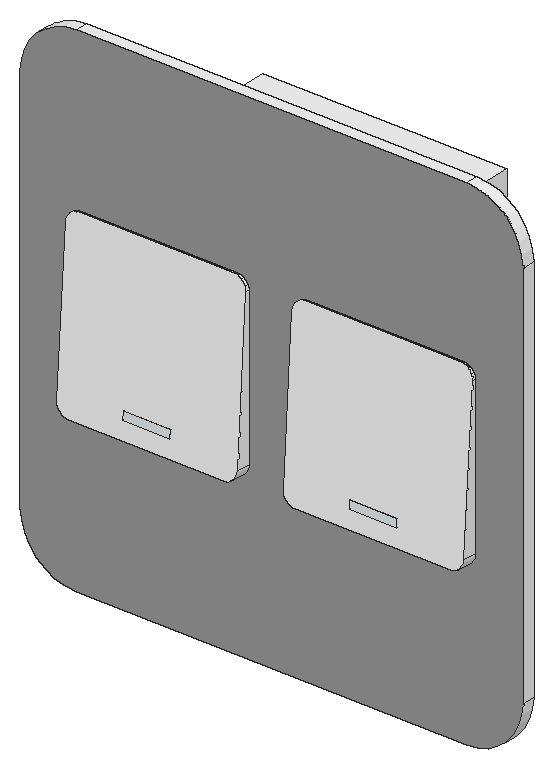
Revit family "EF_Veti-4x4-2-Push-Dimmer-Switch", category Electrical Fixtures, Revit 2016
Family settings
  Maintain Annotation Orientation = No
  Part Type = Switch
  Round Connector Dimension = Use Diameter
  Work Plane-Based = No
  Always vertical = Yes
  Cut with Voids When Loaded = No
  Shared = No
  Room Calculation Point = No
Parameters (values of type "Push Dimmer Switch")
  Voltage_x = 220 V
  URL for TCP = "http://www.tcpbim.co.za"
  URL = "http://www.major-tech.com/15-veti"
  Type Comments = "Switches"
  Switch Voltage = Voltage_x  # 220 V
  Switch Height [instance] = 1200 mm
  Materials [instance] = 0 mm
  Manufacturer = "VETI"
  Made by = "Tolani Civil Projects cc"
  Load = 2860 VA
  Description = "4x4 2 x Push Dimmer Switch"
  Amperage = 16 A
Reference planes
  plane 1 "Center (Front/Back)": y = 0
  plane 2: z = 0
  plane 3 "Center (Left/Right)": x = 0
Forms (mm)
  Extrusion 1, solid, material "Plastic White"
    sketch origin (-181.105, 75, 0) x (1, 0, 0) y (0, 0, 1)
      loop
        arc (103.605, 1400) -> (87.695, 1393.41) -> (81.105, 1377.5) r 22.5
        line (81.105, 1377.5) -> (81.105, 1222.5)
        arc (81.105, 1222.5) -> (87.695, 1206.59) -> (103.605, 1200) r 22.5
        line (103.605, 1200) -> (258.605, 1200)
        arc (258.605, 1200) -> (274.515, 1206.59) -> (281.105, 1222.5) r 22.5
        line (281.105, 1222.5) -> (281.105, 1377.5)
        arc (281.105, 1377.5) -> (274.515, 1393.41) -> (258.605, 1400) r 22.5
        line (258.605, 1400) -> (103.605, 1400)
    from 75 to 80
  Extrusion 2, solid, material "Plastic White"
    sketch origin (-166.105, 0, 0) x (-1, 0, 0) y (0, 0, 1)
      loop
        line (-214.439, 1370) -> (-214.439, 1360) -> (-117.772, 1360) -> (-117.772, 1370) -> (-214.439, 1370)
    from 0 to 51.204
Cuts and joins
  joined: Extrusion 1, Extrusion 2
Dimensions and locks
  Extrusion 1 sketch curve to Extrusion 1 sketch curve = 200 mm
  Extrusion 2 sketch curve to Extrusion 2 sketch curve to Extrusion 1 = 10 mm, 30 mm
  Extrusion 2 sketch curve to Extrusion 2 sketch curve = 96.667 mm
  cut or joined group of Extrusion 1, Extrusion 2 to cut or joined group of Extrusion 1, Extrusion 2 = 200 mm
  cut or joined group of Extrusion 1, Extrusion 2 to cut or joined group of Extrusion 1, Extrusion 2 to cut or joined group of Extrusion 1, Extrusion 2 to cut or joined group of Extrusion 1, Extrusion 2 = 30 mm locked, 10 mm locked, 160 mm locked
  cut or joined group of Extrusion 1, Extrusion 2 to cut or joined group of Extrusion 1, Extrusion 2 to cut or joined group of Extrusion 1, Extrusion 2 = 51.204 mm locked, 5 mm locked
  cut or joined group of Extrusion 1, Extrusion 2 to cut or joined group of Extrusion 1, Extrusion 2 = 96.667 mm
  locked: cut or joined group of Extrusion 1, Extrusion 2 to plane 1 "Center (Front/Back)"
  plane 3 "Center (Left/Right)" to Extrusion 1 sketch curve = 100 mm
  locked: plane 3 "Center (Left/Right)" to cut or joined group of Extrusion 1, Extrusion 2 at 48.333
  cut or joined group of Extrusion 1, Extrusion 2 to nested 2 to nested 3 to cut or joined group of Extrusion 1, Extrusion 2 = 63.734 mm locked, 72.246 mm locked, 64.02 mm locked
  nested 3 to plane 3 "Center (Left/Right)" to nested 2 = 9.207 mm locked, 9.124 mm locked
  "Switch Height": cut or joined group of Extrusion 1, Extrusion 2 to level
  aligned and locked: level to plane 2
  aligned and locked: nested 1 to plane 1 "Center (Front/Back)"
  aligned and locked: cut or joined group of Extrusion 1, Extrusion 2 to nested 2
  aligned and locked: nested 3 to cut or joined group of Extrusion 1, Extrusion 2
Automatic sketch dimensions
  Extrusion 1 sketch curve to plane 3 "Center (Left/Right)" = 77.5 mm
  plane 3 "Center (Left/Right)" to Extrusion 1 sketch curve = 77.5 mm  (x2)
  level to Extrusion 1 sketch curve = 1200 mm
  Extrusion 1 sketch curve to Extrusion 1 sketch curve = 22.5 mm  (x2)
  Extrusion 2 sketch curve to Extrusion 1 = 51.667 mm  (x2)
Nested families
  nested 1: "Power Point Test 1" at (0, 0, 0) x (-1, 0, 0) z (0, 0, 1), type "Receptacle Symbol"
  nested 2: "Vertical Switch" at (-44.959, -5, 164.209), type "Vertical Switch"
    with Length 71.669 mm
  nested 3: "Vertical Switch" at (45.041, -5, 164.177) x (-1, 0, 0) z (0, 0, 1), type "Vertical Switch"
    with Length 71.669 mm
Connectors
  electrical at (0, 25.602, 1370), driven by "Voltage_x", driven by "Load"
    settings: on cut or joined group of Extrusion 1, Extrusion 2, index 2, voltage 220 V, apparent load 0 VA, apparent load phase1 2860 VA, apparent load phase2 0 VA, apparent load phase3 0 VA, power factor 1, load classification "Other", number of poles 1, system type 31, power factor state 1, is connector primary yes, connector utility no, sub classification motor no, connector description ""
  electrical at (0, 25.602, 1370), driven by "Voltage_x", driven by "Load"
    settings: on cut or joined group of Extrusion 1, Extrusion 2, index 3, voltage 220 V, apparent load 0 VA, apparent load phase1 2860 VA, apparent load phase2 0 VA, apparent load phase3 0 VA, power factor 1, load classification "Other", number of poles 1, system type 31, power factor state 1, is connector primary no, connector utility no, sub classification motor no, connector description ""
Definition of nested family "Vertical Switch"
  Parameters
    Length [instance] = 32.776 mm
  Reference planes
    plane 1 "Center (Front/Back)": y = 0
    plane 2: z = 0
    plane 3 "Center (Left/Right)": x = 0
    plane 4: x = -16.388
    plane 5: x = 16.388
  Forms (mm)
    Extrusion 1, solid
      sketch origin (-1136.248, 2.783, 1137.475) x (0, -0.069756, -0.997564) y (1, 0, 0)
        loop
          arc (-29.234, 1152.636) -> (-32.77, 1151.171) -> (-34.234, 1147.636) r 5
          line (-34.234, 1147.636) -> (-34.234, 1124.86)
          arc (-34.234, 1124.86) -> (-32.77, 1121.324) -> (-29.234, 1119.86) r 5
          line (-29.234, 1119.86) -> (32.741, 1119.86)
          arc (32.741, 1119.86) -> (36.277, 1121.324) -> (37.741, 1124.86) r 5
          line (37.741, 1124.86) -> (37.741, 1147.636)
          arc (37.741, 1147.636) -> (36.277, 1151.171) -> (32.741, 1152.636) r 5
          line (32.741, 1152.636) -> (-29.234, 1152.636)
      from 6.186 to 0.253
    Extrusion 2, solid
      sketch origin (-1136.051, -0.005, 1135.912) x (0, -0.069756, -0.997564) y (1, 0, 0)
        loop
          line (28.988, 1145.439) -> (25.488, 1145.439) -> (25.488, 1126.663) -> (28.988, 1126.663) -> (28.988, 1145.439)
      from 0 to 3.974
  Dimensions and locks
    equal spacing: plane 5, plane 3 "Center (Left/Right)", plane 4
    "Length": plane 5 to plane 4
    Extrusion 2 to plane 3 "Center (Left/Right)" to Extrusion 2 = 9.388 mm locked, 9.388 mm locked
    aligned and locked: plane 2 to level
    aligned and locked: plane 4 to Extrusion 1 sketch curve
    aligned and locked: Extrusion 1 sketch curve to plane 5
  Automatic sketch dimensions
    Extrusion 1 sketch curve to plane 5 = 5 mm
    Extrusion 1 sketch curve to Extrusion 1 sketch curve = 5 mm
    Extrusion 1 sketch curve to Extrusion 1 sketch curve = 61.975 mm
    plane 4 to Extrusion 1 sketch curve = 5 mm
    Extrusion 1 sketch curve to Extrusion 1 sketch curve = 0 mm
    Extrusion 2 sketch curve to plane 5 = 7 mm
    Extrusion 2 sketch curve to Extrusion 2 sketch curve = 3.5 mm
    plane 4 to Extrusion 2 sketch curve = 7 mm
Definition of nested family "Power Point Test 1"
  Parameters
    Plug Point Height = 1200 mm
  Reference planes
    plane 1: y = 0
    plane 2: x = 0
  Lines and regions (mm)
    Filled region 1, type "Filled region 1"
      outline origin (0.028, 0.162, 0) x (1, 0, 0) y (0, 1, 0)
        loop
          circle (-0.012, 2.074) r 0.25
    detail lines
      curve 1: line (-0.442, -0.034, 0) -> (-0.442, 0.736, 0)
      curve 2: arc (1.505, 0.736, 0) -> (0.005, 2.236, 0) -> (-1.495, 0.736, 0) r 1.5
      curve 3: line (0.451, -0.034, 0) -> (0.451, 0.736, 0)
      curve 4: line (-1.495, 0.736, 0) -> (1.505, 0.736, 0)
      curve 5: line (0.005, 2.236, 0) -> (0.005, 3.953, 0)
      curve 6: line (0.005, 3.953, 0) -> (0.605, 3.953, 0)
      curve 7: line (-0.326, 3.418, 0) -> (0.616, 3.148, 0)
      curve 8: line (-0.32, 2.88, 0) -> (0.616, 3.148, 0)
  Text (mm)
    label "A" at (-2.189, 3.565, 0), shows "Plug Point Height"
    text "DS" at (-0.646, 1.988, 0)
    text "X2" at (1.592, 2.686, 0)
  Dimensions and locks
    curve 1 to curve 3 = 0.893 mm
